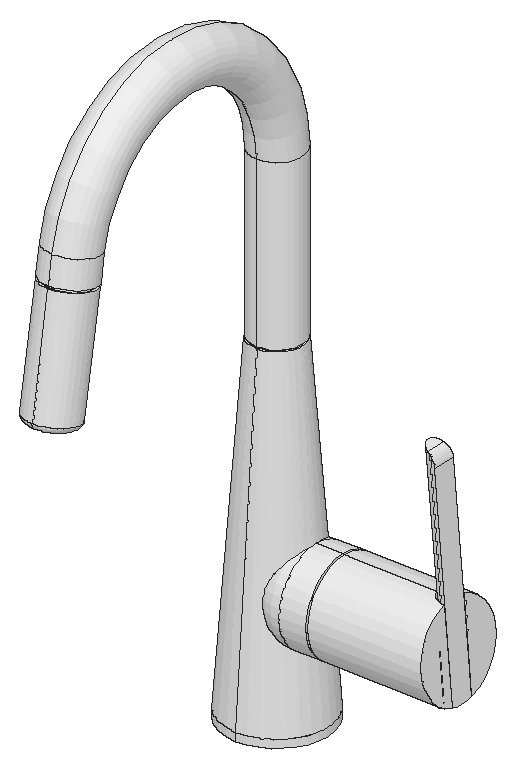
Revit family "zzzFaucet_Kitchen-Single_Handle-Grohe-Zedra-32283_Series", category Plumbing Fixtures, Revit 2019
Family settings
  Round Connector Dimension = Use Diameter
  Part Type = Normal
  OmniClass Number = 23.45.55.14
  OmniClass Title = Single Faucets
  Work Plane-Based = Yes
  Always vertical = No
  Cut with Voids When Loaded = No
  Shared = Yes
  Room Calculation Point = No
Parameters (values of type "32283003")
  Width = 5 1/2"
  Waste Connection = no
  Warranty Information = "Lifetime Limited Warranty"
  WFU = 2  # constant formula
  Vent Connection = no
  URL = "https://www.grohe.us/"
  Tempered Water Connection Diameter = 3/8"
  Tempered Water Connection = yes
  Revised Date = "03/01/2022"
  Product Page URL = "https://www.grohe.us/Single-Hole-Pull-Down-Faucets/Single-Handle-Pull-Down-Dual-Spray-Prep-Faucet-175-GPM/GROHE-CHROME-32283003"
  Product Documentation Link = "https://americanstandard.box.com/shared/static/w8f112s37xa1r6cilu1u51qderk960ta.pdf"
  Price = "Prices may vary. Please consult Manufacturer Representative for most up-to-date price list."  # constant formula
  Model = "32283003"
  Material = "Zinc-Grohe-003-StarLight Chrome"
  Manufacturer = "Grohe"
  Length = 6 9/16"
  Laminar (LAM) = yes
  Installation Type = "Deck-Mounted"
  Installation Instruction Link = "https://americanstandard.box.com/shared/static/jq0qi3n2mse2enohexw8qjgjyu5vf96h.pdf"
  Height- Spout = 9"
  Height = 15 7/16"
  HWFU = 1.5  # constant formula
  HW Connection = no
  Flow Rate = "1.75 gpm (6.6 L/min)"
  Finish = Zinc-Grohe-003-StarLight Chrome
  Energy Policy Act of 1992 = yes
  Description = "Single-Handle Pull Down Dual Spray Prep Faucet 6.6/min (1.75 gpm)"
  Default Elevation = 0"
  Creation Date = "09/04/2019"  # constant formula
  Compliance Certifications = "Low Lead Certified, Massachusetts Plumbing Board Approved, NSF 61, CSA B125.1 & Complies with lead plumbing laws"
  CalGreen Compliant = yes
  CWFU = 1.5  # constant formula
  CW Connection = no
  CEC Compliant = yes
  Assembly Code = "D2020300"
  ASME A112.18.1/CSA B125.1 = yes
  ADA Compliant = yes
Types (3): name | Width | Waste Connection | Product Page URL | Model | Material | Finish
  (no name) | 5 1/2" | no | "https://www.grohe.us/Single-Hole-Pull-Down-Faucets/Single-Handle-Pull-Down-Dual-Spray-Prep-Faucet-175-GPM/GROHE-CHROME-32283003" | "32283003" | "Zinc-Grohe-003-StarLight Chrome" | Zinc-Grohe-003-StarLight Chrome
  32283003 | 5 1/2" | no | "https://www.grohe.us/Single-Hole-Pull-Down-Faucets/Single-Handle-Pull-Down-Dual-Spray-Prep-Faucet-175-GPM/GROHE-CHROME-32283003" | "32283003" | "Zinc-Grohe-003-StarLight Chrome" | Zinc-Grohe-003-StarLight Chrome
  32283DC3 | 2 3/8" | yes | "https://www.grohe.us/Single-Hole-Pull-Down-Faucets/Single-Handle-Pull-Down-Dual-Spray-Prep-Faucet-175-GPM/GROHE-SUPERSTEEL-32283DC3" | "32283DC3" | "Zinc-Grohe-DC3-SuperSteel Infinity Finish" | Zinc-Grohe-DC3-SuperSteel Infinity Finish
Reference planes (in)
  plane 1 "Center (Front/Back)": y = 0
  plane 2: z = 0
  plane 3 "Center (Left/Right)": x = 0
  plane 4: z = 2.85114
  plane 5: z = 9
  plane 6: y = -6.5625
  plane 7: z = 15.4375
  plane 8: through (0, -6.5625, 9) normal (0, 0.9848, -0.1736)
  plane 9: y = 1.1875
  plane 10: y = -4.3125
  plane 11: y = 1.07914
  plane 12: y = -1.07914
  plane 13: x = 4.3125
  plane 14: x = -1.1875
Forms (in)
  Revolve 1, solid, material "Zinc-Grohe-003-StarLight Chrome" <- "Finish"
    sketch origin (0, 0, 0) x (0, 1, 0) y (0, 0, 1)
      loop
        line (0, 0) -> (1.1875, 0) -> (1.1875, 0.18898) -> (0.59852, 7.92613) -> (0.5518, 7.92613) -> (0.5518, 7.97336) -> (0, 7.97336) -> (0, 0)
      axis (0, 0) -> (0, 7.97336)
    angle from 0 to 360
  Revolve 2, solid, material "Zinc-Grohe-003-StarLight Chrome" <- "Finish"
    sketch origin (0, 0, 0) x (1, 0, 0) y (0, 0, 1)
      loop
        line (0.91329, 1.772) -> (1.5415, 1.772) -> (1.5415, 1.81802) -> (1.58363, 1.81802) -> (1.58363, 1.772) -> (4.5442, 1.772) -> (4.5442, 2.85114) -> (0, 2.85114) -> (0, 2.68529)
        arc (0, 2.68529) -> (0.2675, 2.0395) -> (0.91329, 1.772) r 0.91329
      axis (4.5442, 2.85114) -> (0, 2.85114)
    angle from 0 to 360
  Sweep 3, solid, material "Zinc-Grohe-003-StarLight Chrome" <- "Finish"
    path origin (0, 0, -0.10628) x (0, 1, 0) y (0, 0, 1)
      loop
        line (0, 8.07476) -> (0, 11.98128)
        arc (0, 11.98128) -> (-2.73853, 14.96987) -> (-5.95442, 12.50223) r 3
        line (-5.95442, 12.50223) -> (-6.5535, 9.10469)
    profile origin (0, 0, 9.92174) x (0, -1, 0) y (1, 0, 0)
      loop
        circle (0, 0) r 0.59057
  Extrusion 4, solid, material "Zinc-Grohe-003-StarLight Chrome" <- "Finish"
    sketch origin (0.4366, 0, -0.32493) x (0.996195, 0, 0.087156) y (0, 1, 0)
      loop
        line (4.04391, 0.26244) -> (3.92398, 0.24129)
        arc (3.92398, 0.24129) -> (3.72153, 0.00001) -> (3.92398, -0.24126) r 0.245
        line (3.92398, -0.24126) -> (4.04391, -0.26241) -> (4.04391, 0.26244)
    from 1.61987 to 7.11868
  Extrusion 5, void
    sketch origin (0.4366, 0, -0.32493) x (0.996195, 0, 0.087156) y (-0.087156, 0, 0.996195)
      loop
        line (3.63443, 7.11207) -> (3.8869, 6.93529)
        arc (3.8869, 6.93529) -> (4.00231, 6.80369) -> (4.04391, 6.63367) r 0.36821
        line (4.04391, 6.63367) -> (4.04391, 6.57535) -> (4.16076, 6.57535) -> (4.16076, 7.20376) -> (3.63443, 7.20376) -> (3.63443, 7.11207)
    from -0.42436 to 0.57895
  Extrusion 6, void
    sketch origin (0, -6.5535, 8.99841) x (-1, 0, 0) y (0, -0.984808, 0.173648)
      loop
        circle (0, 0) r 0.59057
      loop
        circle (0, 0) r 0.52807
    from 2.77415 to 2.83248
  Sweep 7, void
    path in 3D
      loop
        arc (0, -7.1351, 9.10096) -> (0.59057, -6.5535, 8.99841) -> (0, -5.9719, 8.89586) r 0.59057
        arc (0, -5.9719, 8.89586) -> (-0.59057, -6.5535, 8.99841) -> (0, -7.1351, 9.10096) r 0.59057
    profile origin (-0.59057, -6.5535, 8.99841) x (-1, 0, 0) y (0, -0.173648, -0.984808)
      loop
        line (0, 0) -> (-0.125, 0)
        arc (-0.125, 0) -> (-0.03661, -0.03661) -> (0, -0.125) r 0.125
        line (0, -0.125) -> (0, 0)
  Extrusion 8, void
    sketch origin (0.6937, 0, 0) x (1, 0, 0) y (0, 0, 1)
      loop
        line (3.64743, 1.44482) -> (4.04391, 1.44482) -> (4.04391, 4.04038) -> (3.42034, 4.04038) -> (3.64743, 1.44482)
    from -1.1833 to 1.19424
  Extrusion 9, void
    sketch origin (0.29542, 0, 1.28877) x (0.996195, 0, 0.087156) y (0, 1, 0)
      loop
        line (3.92398, 0.24129) -> (4.04391, 0.26244) -> (4.04391, 0.29417) -> (3.91855, 0.27207)
        arc (3.91855, 0.27207) -> (3.69028, 0.00001) -> (3.91856, -0.27204) r 0.27625
        line (3.91856, -0.27204) -> (4.04391, -0.29414) -> (4.04391, -0.26241) -> (3.92398, -0.24126)
        arc (3.92398, -0.24126) -> (3.72153, 0.00001) -> (3.92398, 0.24129) r 0.245
    from 0 to 2.50202
  Extrusion 10, void
    sketch origin (4.73761, 0, 2.85114) x (0, 0, 1) y (0, 1, 0)
      loop
        arc (-1.04675, -0.26241) -> (-1.07914, 0.00002) -> (-1.04674, 0.26244) r 1.07914
        line (-1.04674, 0.26244) -> (-1.37973, 0.26244) -> (-1.37973, -0.26241) -> (-1.04675, -0.26241)
    from 0.28389 to 0.87222
  Extrusion 11, void
    sketch origin (0, 0, 0) x (1, 0, 0) y (0, 1, 0)
      loop
        circle (0, 0) r 0.1875
    from 0 to 1.64122
Cuts and joins
  Extrusion 6, Sweep 7, Extrusion 8, Extrusion 9, Extrusion 11 cuts Revolve 1
  Extrusion 6, Sweep 7, Extrusion 8, Extrusion 9, Extrusion 11 cuts Revolve 2
  Extrusion 6, Sweep 7, Extrusion 8, Extrusion 9, Extrusion 11 cuts Sweep 3
  Extrusion 5, Extrusion 6, Sweep 7, Extrusion 8, Extrusion 10, Extrusion 11 cuts Extrusion 4
  joined: Revolve 1, Revolve 2, Sweep 3, Extrusion 4
Lines and regions (in)
  Masking region 1
    outline origin (0, 0, 0) x (1, 0, 0) y (0, 1, 0)
      loop
        arc (0.59074, -1.10384) -> (0.63618, -1.07829) -> (0.68052, -1.05087) r 1.25197
        arc (0.68052, -1.05087) -> (0.78761, -1.07293) -> (0.8967, -1.08034) r 0.80763
        line (0.8967, -1.08034) -> (1.5415, -1.08034) -> (1.5415, -1.03312) -> (1.58363, -1.03312) -> (1.58363, -1.07914) -> (4.21326, -1.07914)
        spline (4.21326, -1.07914) -> (4.23895, -1.04237) -> (4.26288, -0.93456) -> (4.28343, -0.76306) -> (4.2992, -0.53957) -> (4.30912, -0.2793) -> (4.3125, 0) -> (4.30912, 0.2793) -> (4.2992, 0.53957) -> (4.28343, 0.76306) -> (4.26288, 0.93456) -> (4.23895, 1.04237) -> (4.21326, 1.07914)
        line (4.21326, 1.07914) -> (1.58363, 1.07914) -> (1.58363, 1.03312) -> (1.5415, 1.03312) -> (1.5415, 1.08034) -> (0.8967, 1.08034)
        arc (0.8967, 1.08034) -> (0.74618, 1.06618) -> (0.60093, 1.02423) r 0.80763
        arc (0.60093, 1.02423) -> (-1.0272, 0.59584) -> (-0.59074, -1.03014) r 1.1875
        line (-0.59074, -1.03014) -> (-0.59074, -6.52565)
        arc (-0.59074, -6.52565) -> (0, -7.11639) -> (0.59074, -6.52565) r 0.59074
        line (0.59074, -6.52565) -> (0.59074, -1.10384)
  symbolic lines, detail levels medium+fine
    curve 1: line (-0.58678, -1.10754, 0) -> (-0.58678, -0.02574, 0)
    curve 2: arc (-0.58678, -0.02574, 0) -> (0.00113, 0.56218, 0) -> (0.58905, -0.02574, 0) r 0.58791
    curve 3: line (0.58905, -1.10754, 0) -> (0.58905, -0.02574, 0)
    curve 4: line (1.5415, 1.03312, 0) -> (1.5415, -1.03312, 0)
    curve 5: line (1.58363, -1.03312, 0) -> (1.58363, 1.03312, 0)
    curve 10: line (4.30952, 0.26244, 0) -> (3.7905, 0.26244, 0)
    curve 11: line (4.30952, -0.26241, 0) -> (3.7905, -0.26241, 0)
    curve 12: arc (3.7905, 0.26244, 0) -> (3.52807, 0.00002, 0) -> (3.7905, -0.26241, 0) r 0.26242
    curve 18: arc (0.40506, 0.91075, 0) -> (1.05948, 0.09461, 0) -> (0.58905, -0.83976, 0) r 0.96755
    curve 19: line (0.58905, -1.02609, 0) -> (0.68541, -1.05221, 0)
    curve 20: arc (0.40506, 0.91075, 0) -> (0.49674, 0.97828, 0) -> (0.60093, 1.02423, 0) r 0.51976
  symbolic lines, detail levels fine
    curve 6: arc (-0.59074, -6.09365, 0) -> (0, -6.61173, 0) -> (0.59074, -6.09365, 0) r 0.59583
    curve 8: spline (-0.59074, -6.09365, 0) -> (-0.57061, -6.23256, 0) -> (-0.51159, -6.362, 0) -> (-0.41771, -6.47315, 0) -> (-0.29537, -6.55844, 0) -> (-0.15289, -6.61205, 0) -> (0, -6.63034, 0) -> (0.15289, -6.61205, 0) -> (0.29537, -6.55844, 0) -> (0.41771, -6.47315, 0) -> (0.51159, -6.362, 0) -> (0.57061, -6.23256, 0) -> (0.59074, -6.09365, 0)
    curve 9: spline (4.21326, -1.07914, 0) -> (4.20294, -1.07286, 0) -> (4.19275, -1.0541, 0) -> (4.18279, -1.02307, 0) -> (4.17318, -0.98015, 0) -> (4.16405, -0.92581, 0) -> (4.15548, -0.86071, 0) -> (4.14759, -0.78559, 0) -> (4.14046, -0.70133, 0) -> (4.13418, -0.60891, 0) -> (4.12882, -0.50941, 0) -> (4.12444, -0.40398, 0) -> (4.12109, -0.29385, 0)
    curve 13: line (4.30874, 0.29424, 0) -> (4.12312, 0.29424, 0)
    curve 14: line (4.12312, 0.29424, 0) -> (3.95951, 0.26244, 0)
    curve 15: line (4.30874, -0.29424, 0) -> (4.12312, -0.29424, 0)
    curve 16: line (4.12312, -0.29424, 0) -> (3.95933, -0.26241, 0)
    curve 17: spline (4.1211, 0.29424, 0) -> (4.12445, 0.40433, 0) -> (4.12883, 0.50971, 0) -> (4.13419, 0.60917, 0) -> (4.14048, 0.70154, 0) -> (4.1476, 0.78575, 0) -> (4.1555, 0.86083, 0) -> (4.16406, 0.9259, 0) -> (4.1732, 0.9802, 0) -> (4.1828, 1.02311, 0) -> (4.19275, 1.05411, 0) -> (4.20295, 1.07286, 0) -> (4.21326, 1.07914, 0)
  sketch lines
    curve 7: circle (0, -6.5535, 8.99841) r 0.59057 normal (0, 0.1736, 0.9848)
Dimensions and locks (in)
  "Height": plane 7 to level
  "Length": plane 1 "Center (Front/Back)" to plane 6
  "Height- Spout": plane 5 to level
  "Width": plane 9 to plane 10
  plane 13 to plane 14 = 5 1/2"
  "Tempered Water Connection Diameter": diameter of Extrusion 11 sketch curve
  angle plane 6 to plane 8 = 10.00°
Automatic sketch dimensions
  Sweep 3 sketch curve to profile plane = 0"  (x2)
  Revolve 2 sketch curve to plane 3 "Center (Left/Right)" = 0"
  Revolve 2 sketch curve to plane 4 = 0"  (x2)
  plane 3 "Center (Left/Right)" to Revolve 2 sketch curve = 0.91329"
  Revolve 2 sketch curve to Revolve 2 sketch curve = 0.62822"
  Revolve 2 sketch curve to Revolve 2 sketch curve = 0.04213"
  Revolve 2 sketch curve to plane 4 = 0.16585"
  Revolve 2 sketch curve to Revolve 2 sketch curve = 0.04602"
  Revolve 2 sketch curve to Revolve 2 sketch curve = 0"
  Revolve 2 sketch curve to Revolve 2 sketch curve = 0.18472"
  Sweep 3 sketch curve to plane 5 = 0.00159"
  Sweep 3 sketch curve to plane 6 = 0.009"
  plane 8 to Sweep 3 sketch curve = 0.00914"
  Sweep 3 sketch curve to plane 6 = 0.60808"
  Sweep 3 sketch curve to plane 5 = 1.03152"
  Sweep 3 sketch curve to plane 1 "Center (Front/Back)" = 0"
  Sweep 7 sketch curve to Sweep 7 sketch curve = 1/8"  (x3)
  profile plane to Sweep 7 sketch curve = 0"  (x2)
  Sweep 7 sketch curve to profile plane = 0"  (x2)
  Extrusion 4 sketch curve to plane 1 "Center (Front/Back)" = 0.24129"
  plane 1 "Center (Front/Back)" to Extrusion 4 sketch curve = 0.24126"
  Extrusion 4 sketch curve to Extrusion 4 sketch curve = 0"
  Extrusion 4 sketch curve to Extrusion 4 sketch curve = 0.04254"
  plane 1 "Center (Front/Back)" to Extrusion 4 sketch curve = 0.26241"
  Extrusion 4 sketch curve to Extrusion 4 sketch curve = 0.11993"
  Extrusion 4 sketch curve to Extrusion 4 sketch curve = 0.02115"
  Extrusion 5 sketch curve to Extrusion 5 sketch curve = 0.04127"
  Extrusion 5 sketch curve to Extrusion 5 sketch curve = 0.25247"
  Extrusion 5 sketch curve to Extrusion 5 sketch curve = 0.15701"
  Extrusion 5 sketch curve to Extrusion 5 sketch curve = 0.11685"
  Extrusion 5 sketch curve to Extrusion 5 sketch curve = 0.17678"
  Extrusion 5 sketch curve to Extrusion 5 sketch curve = 0.05832"
  Extrusion 5 sketch curve to Extrusion 5 sketch curve = 0.09168"
  Extrusion 8 sketch curve to Extrusion 8 sketch curve = 0.39648"
  Extrusion 8 sketch curve to plane 4 = 1.40632"
  Extrusion 8 sketch curve to Extrusion 8 sketch curve = 0.62357"
  plane 4 to Extrusion 8 sketch curve = 1.18924"
  Extrusion 9 sketch curve to Extrusion 4 = 0"  (x3)
  Extrusion 4 to Extrusion 9 sketch curve = 0.11993"  (x2)
  Extrusion 4 to Extrusion 9 sketch curve = 0"
  Extrusion 9 sketch curve to Extrusion 4 = 1/32"  (x3)
  Extrusion 9 sketch curve to Extrusion 9 sketch curve = 0.00543"  (x2)
  Extrusion 9 sketch curve to Extrusion 9 sketch curve = 0"  (x2)
  Extrusion 10 sketch curve to plane 1 "Center (Front/Back)" = 0"
  Extrusion 10 sketch curve to plane 4 = 0"
  Extrusion 10 sketch curve to plane 1 "Center (Front/Back)" = 0.26244"
  Extrusion 10 sketch curve to plane 4 = 1.04674"
  plane 1 "Center (Front/Back)" to Extrusion 10 sketch curve = 0.26241"
  Extrusion 10 sketch curve to Extrusion 10 sketch curve = 0.33299"
  Extrusion 5 sketch curve to plane 5 = 1.92316"
  Revolve 2 sketch curve to Revolve 2 sketch curve = 2.96057"
  Revolve 2 sketch curve to Revolve 2 sketch curve = 0.53506"
  plane 3 "Center (Left/Right)" to Extrusion 5 sketch curve = 3.43734"
  plane 3 "Center (Left/Right)" to Extrusion 8 sketch curve = 4.11404"
  plane 5 to Sweep 3 sketch curve = 2 7/8"
  Revolve 1 sketch curve to plane 1 "Center (Front/Back)" = 0"  (x2)
  Revolve 1 sketch curve to level = 0"
  Revolve 1 sketch curve to plane 9 = 0"
  Revolve 1 sketch curve to Revolve 1 sketch curve = 0.5518"
  Revolve 1 sketch curve to Revolve 1 sketch curve = 0.04672"
  Revolve 1 sketch curve to Revolve 1 sketch curve = 0.18898"
  Revolve 1 sketch curve to Revolve 1 sketch curve = 0.04723"
  plane 5 to Revolve 1 sketch curve = 2.84055"
  Revolve 1 sketch curve to Revolve 1 sketch curve = 1 3/4"
  Revolve 1 sketch curve to plane 5 = 1.07387"
  Masking region 1 sketch curve to Masking region 1 sketch curve = 0"  (x2)
  plane 1 "Center (Front/Back)" to Masking region 1 sketch curve = 0"  (x2)
  Masking region 1 sketch curve to plane 3 "Center (Left/Right)" = 0"  (x2)
  Masking region 1 sketch curve to plane 11 = 0"
  Masking region 1 sketch curve to plane 6 = 0.03685"
  Masking region 1 sketch curve to plane 3 "Center (Left/Right)" = 0.59074"
  Masking region 1 sketch curve to plane 1 "Center (Front/Back)" = 0.27271"
  plane 3 "Center (Left/Right)" to Masking region 1 sketch curve = 0.8967"
  Masking region 1 sketch curve to plane 12 = 0.0012"
  Masking region 1 sketch curve to Masking region 1 sketch curve = 0.30596"
  plane 11 to Masking region 1 sketch curve = 0.0012"
  Masking region 1 sketch curve to Masking region 1 sketch curve = 0.6448"  (x2)
  Masking region 1 sketch curve to Masking region 1 sketch curve = 0.04213"  (x2)
  Masking region 1 sketch curve to plane 12 = 0.0247"
  Masking region 1 sketch curve to Masking region 1 sketch curve = 0.04602"
  plane 12 to Masking region 1 sketch curve = 0.049"
  plane 1 "Center (Front/Back)" to Masking region 1 sketch curve = 0.27271"
  Masking region 1 sketch curve to plane 11 = 0.04602"
  Masking region 1 sketch curve to Masking region 1 sketch curve = 2.62963"
  curve 6 to plane 3 "Center (Left/Right)" = 0"
  curve 17 to plane 11 = 0"
  plane 1 "Center (Front/Back)" to curve 9 = 0"
  curve 9 to plane 12 = 0"
  curve 17 to plane 12 = 0"
  plane 1 "Center (Front/Back)" to curve 1 = 0.02574"
  plane 3 "Center (Left/Right)" to curve 2 = 0.00113"
  plane 1 "Center (Front/Back)" to curve 18 = 0.00653"
  plane 3 "Center (Left/Right)" to curve 18 = 0.09723"
  plane 1 "Center (Front/Back)" to curve 11 = 0.26241"
  plane 1 "Center (Front/Back)" to curve 16 = 0.29424"
  curve 11 to curve 16 = 0.33262"
  curve 10 to curve 13 = 0.33262"
  curve 6 to plane 6 = 0.5466"
  curve 12 to plane 1 "Center (Front/Back)" = 0"
  curve 14 to curve 13 = 0.0318"
  curve 20 to plane 1 "Center (Front/Back)" = 0.52855"
  curve 8 to curve 8 = 0.59074"
  curve 18 to plane 11 = 0.16839"
  plane 3 "Center (Left/Right)" to curve 18 = 0.40506"
  curve 20 to plane 11 = 0.05491"
  plane 12 to curve 19 = 0.02693"
  curve 19 to curve 19 = 0.09637"
  plane 12 to curve 4 = 0.04602"
  curve 19 to curve 4 = 0.85609"
  curve 4 to curve 5 = 0.04213"
  curve 16 to curve 15 = 0.16379"
  curve 14 to curve 13 = 0.16361"
  curve 9 to curve 15 = 0.00203"
  curve 17 to curve 13 = 0.00202"
  curve 13 to curve 17 = 0.09014"
  curve 9 to curve 17 = 0"
  curve 15 to curve 15 = 0.18562"
  curve 13 to curve 13 = 0.18562"
  curve 13 to curve 10 = 0.00078"
  curve 15 to curve 11 = 0.00078"
  curve 3 to plane 12 = 0.0284"
  curve 1 to plane 12 = 0.0284"
  curve 6 to plane 6 = 0.46885"
  curve 4 to curve 5 = 0"  (x2)
  plane 12 to curve 19 = 0.05305"
  curve 17 to curve 13 = 0"
  curve 4 to plane 11 = 0.04602"
  curve 1 to plane 3 "Center (Left/Right)" = 0.58678"
  curve 20 to curve 20 = 0.35224"
  curve 5 to curve 10 = 2.20687"
  plane 1 "Center (Front/Back)" to Extrusion 11 sketch curve = 0"
  Extrusion 11 sketch curve to plane 3 "Center (Left/Right)" = 0"
  radius of Sweep 3 sketch curve = 0.59057"
  radius of Extrusion 6 sketch curve to Sweep 3 = 0"
  radius of Extrusion 6 sketch curve to Sweep 3 = 1/16"
  radius of Extrusion 9 sketch curve to Extrusion 4 = 0"
Connectors (in)
  piping at (0, 0, 0), diameter 0.375, driven by "Tempered Water Connection Diameter"
    settings: on Extrusion 11, index 1, connector inside diameter 24", connector length 0", flow factor 0, pipe flow 0 GPM, pressure drop 0.00 psi, fitting loss kfactor 0, connector angle 0.00°, fixture units 0, engagement length 0", angle of deflection 0.00°, flow configuration 0, flow direction 1, fitting loss method 0, system type 29, joint type 0, gender type 0, connector reference index -1, connector utility 0, adjustable connector no, is connector primary yes, connector description "3/8\" Tempered Water Supply Inlet"
